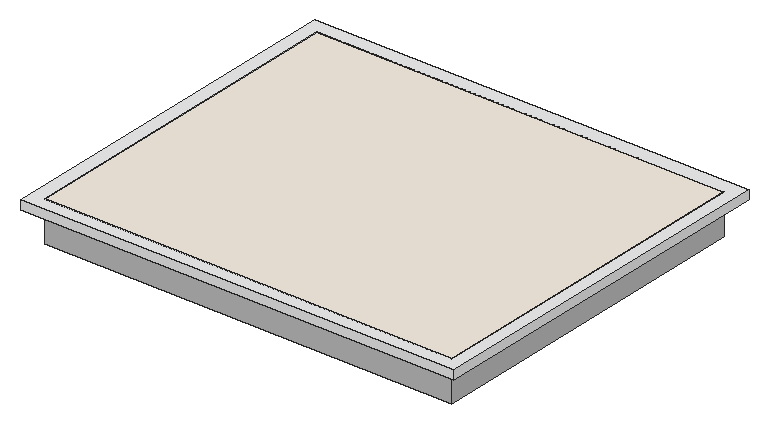
Revit family "Lighting-Industrial-GEWISS-ELIA-HL-LED_HIGHBAY", category Apparecchi per illuminazione, host Superficie, Revit 2019 (continued)
Types (12, lengths in mm): name | Weight (kg): | Weight (kg) | Voltage | Technical sheet | System power | Optic | built-in parameter 1150142 | Lumen output (lm) | Model | IDT | File diagramma fotometrico | Description
    1 6752.23 6528.04 6308.03 6094.97 5890.28 \r\n5689.76 5490.63 5294.28 5106.30 4919.70 4737.28 4560.44 \r\n4386.38 4217.88 4059.14 3908.75 3766.71 3630.25 3497.96 \r\n3369.85 3247.31 3130.34 3016.16 2904.76 2799.20 2696.16 \r\n2596.59 2499.68 2404.57 2311.69 2220.76 2132.47 2046.98 \r\n1964.96 1886.98 1812.34 1740.63 1671.42 1603.46 1538.99 \r\n1479.95 1424.67 1372.03 1321.20 1270.52 1221.50 1175.27 \r\n1131.13 1088.66 1047.44 1006.64 966.95 928.10 891.76 \r\n858.89 829.37 805.14 781.19 751.11 720.20 692.21 664.92 \r\n637.07 610.19 587.22 565.49 543.08 521.21 500.46 480.27 \r\n459.25 438.78 418.86 401.60 390.04 379.87 366.37 352.16 \r\n339.49 325.01 304.68 282.96 264.21 245.68 226.07 205.73 \r\n184.49 162.56 139.60 117.04 96.24 77.13 60.07 45.09 32.29 \r\n21.87 14.20 8.89 5.63 4.53 \r\n20514.31 20511.53 20504.56 20492.03 20475.32 20453.04 \r\n20427.98 20401.52 20368.10 20329.11 20288.73 20239.99 \r\n20188.47 20131.37 20072.89 20010.23 19944.78 19876.55 \r\n19806.92 19733.12 19657.92 19578.55 19496.39 19408.67 \r\n19316.76 19222.07 19123.20 19021.55 18914.33 18800.14 \r\n18681.78 18563.42 18438.09 18309.98 18177.70 18041.23 \r\n17903.37 17764.12 17620.70 17475.88 17329.66 17177.88 \r\n17021.92 16859.00 16689.11 16509.48 16322.89 16126.54 \r\n15920.45 15707.40 15487.39 15263.19 15033.43 14793.92 \r\n14544.66 14281.48 14002.98 13706.38 13397.24 13075.58 \r\n12745.55 12409.96 12067.41 11716.50 11368.37 11038.35 \r\n10719.47 10415.90 10123.48 9835.23 9551.16 9265.69 \r\n8983.02 8705.91 8435.76 8175.37 7924.72 7678.24 7438.74 \r\n7204.80 6975.03 6748.06 6525.26 6308.03 6096.37 5890.28 \r\n5689.76 5489.23 5291.50 5100.73 4912.74 4728.93 4550.69 \r\n4372.45 4202.57 4043.82 3892.04 3750.00 3614.93 3482.64 \r\n3355.93 3233.39 3116.42 3002.23 2892.22 2787.23 2684.88 \r\n2585.32 2488.40 2393.01 2299.99 2209.90 2122.87 2038.34 \r\n1957.02 1879.46 1804.96 1733.52 1664.46 1596.64 1532.17 \r\n1473.54 1418.68 1366.32 1315.77 1265.23 1216.35 1170.26 \r\n1126.25 1083.64 1042.43 1001.76 962.36 923.37 887.02 \r\n855.00 826.31 802.36 778.27 748.05 717.14 690.26 663.94 \r\n635.26 607.69 584.71 563.27 540.85 519.12 498.51 478.32 \r\n457.30 436.69 416.78 399.37 388.79 379.04 364.97 349.94 \r\n337.54 323.62 303.15 281.56 262.85 244.52 225.26 205.27 \r\n184.17 162.27 139.25 116.64 95.93 76.92 59.88 44.91 32.11 \r\n21.72 14.12 8.86 5.63 4.52 \r\n20514.31 20511.53 20503.17 20492.03 20475.32 20453.04 \r\n20427.98 20401.52 20368.10 20330.50 20287.33 20239.99 \r\n20188.47 20131.37 20072.89 20010.23 19944.78 19877.94 \r\n19806.92 19733.12 19659.31 19579.94 19499.18 19411.45 \r\n19319.55 19226.25 19127.38 19025.73 18918.51 18804.32 \r\n18685.96 18564.81 18440.88 18312.77 18179.09 18044.01 \r\n17906.16 17766.91 17623.48 17480.05 17332.45 17180.67 \r\n17023.31 16861.78 16691.90 16515.05 16328.45 16130.72 \r\n15926.02 15711.58 15491.56 15267.37 15036.22 14796.70 \r\n14546.06 14282.87 14002.98 13706.38 13397.24 13078.36 \r\n12746.94 12409.96 12068.80 11716.50 11368.37 11036.96 \r\n10718.07 10413.11 10117.91 9828.26 9544.19 9257.34 \r\n8974.66 8696.16 8424.63 8165.62 7914.97 7669.89 7431.77 \r\n7199.23 6972.25 6745.27 6523.86 6308.03 6097.76 5891.67 \r\n5688.36 5486.45 5290.11 5095.16 4905.78 4720.57 4540.94 \r\n4361.31 4187.25 4027.11 3876.72 3734.68 3599.61 3467.33 \r\n3342.00 3220.85 3102.49 2989.70 2881.08 2775.67 2673.88 \r\n2574.31 2477.12 2381.31 2288.30 2199.18 2113.12 2029.71 \r\n1949.22 1871.94 1797.58 1726.42 1657.63 1589.96 1525.48 \r\n1467.28 1412.69 1360.75 1310.48 1260.07 1211.34 1165.52 \r\n1121.52 1078.91 1037.27 997.17 957.90 918.77 882.29 \r\n851.24 823.52 799.57 775.34 744.85 714.21 688.31 662.97 \r\n633.73 605.46 582.34 561.04 538.76 517.17 496.70 476.51 \r\n455.35 434.60 414.55 397.42 387.53 378.48 363.72 347.99 \r\n336.01 322.36 302.03 280.17 261.62 243.51 224.61 204.92 \r\n183.96 162.11 139.03 116.36 95.72 76.80 59.74 44.74 31.94 \r\n21.58 14.04 8.84 5.62 4.51 \r\n20514.31 20511.53 20503.17 20492.03 20475.32 20453.04 \r\n20430.76 20401.52 20368.10 20330.50 20288.73 20241.38 \r\n20188.47 20132.76 20074.28 20010.23 19944.78 19877.94 \r\n19806.92 19734.51 19659.31 19581.34 19499.18 19414.24 \r\n19322.33 19229.03 19130.17 19028.51 18922.68 18807.10 \r\n18690.14 18567.60 18443.66 18314.16 18180.48 18045.41 \r\n17908.94 17768.30 17626.26 17482.84 17335.23 17183.45 \r\n17026.10 16864.57 16694.68 16517.84 16332.63 16136.29 \r\n15930.20 15715.75 15495.74 15270.15 15039.00 14798.10 \r\n14547.45 14281.48 14001.59 13707.77 13398.64 13078.36 \r\n12748.34 12412.75 12070.19 11717.89 11368.37 11035.56 \r\n10715.29 10408.94 10110.94 9822.69 9537.23 9250.38 \r\n8966.31 8687.81 8414.88 8155.87 7905.22 7662.93 7426.20 \r\n7193.66 6966.68 6742.49 6522.47 6309.42 6097.76 5891.67 \r\n5686.97 5487.84 5287.32 5092.37 4898.82 4715.01 4532.59 \r\n4350.17 4174.72 4011.79 3861.40 3719.37 3584.30 3453.40 \r\n3329.47 3206.93 3089.96 2977.17 2869.94 2764.53 2663.30 \r\n2563.87 2466.40 2370.31 2277.16 2188.87 2103.93 2021.63 \r\n1941.98 1864.84 1790.62 1719.74 1651.37 1583.55 1519.36 \r\n1461.43 1407.40 1355.46 1305.33 1255.20 1206.46 1160.93 \r\n1117.20 1074.31 1032.82 992.57 953.72 914.45 878.11 \r\n847.75 820.74 796.79 772.42 742.06 711.29 686.50 661.99 \r\n632.20 603.09 580.12 558.95 536.95 515.23 495.03 474.70 \r\n453.54 432.93 412.74 395.61 386.56 377.92 362.61 346.18 \r\n334.34 321.25 300.78 279.06 260.59 242.67 224.08 204.68 \r\n183.87 162.06 138.92 116.18 95.60 76.75 59.65 44.59 31.80 \r\n21.46 13.96 8.82 5.62 4.51 \r\n20514.31 20511.53 20503.17 20492.03 20475.32 20454.43 \r\n20430.76 20401.52 20368.10 20331.89 20288.73 20241.38 \r\n20189.86 20132.76 20074.28 20010.23 19946.17 19877.94 \r\n19806.92 19734.51 19659.31 19582.73 19501.96 19415.63 \r\n19325.12 19231.82 19134.34 19032.69 18924.08 18809.89 \r\n18691.53 18570.38 18445.06 18315.55 18183.26 18048.19 \r\n17910.34 17769.69 17627.66 17485.62 17338.02 17186.24 \r\n17028.88 16867.35 16697.47 16520.62 16335.42 16140.47 \r\n15934.38 15718.54 15498.53 15272.94 15041.79 14799.49 \r\n14547.45 14280.09 14000.19 13706.38 13398.64 13078.36 \r\n12746.94 12412.75 12070.19 11717.89 11368.37 11034.17 \r\n10713.90 10406.15 10106.76 9818.52 9531.66 9243.41 \r\n8959.34 8679.45 8407.91 8148.91 7898.26 7655.97 7422.03 \r\n7189.48 6963.89 6741.09 6522.47 6309.42 6099.15 5893.06 \r\n5688.36 5486.45 5285.93 5088.19 4894.64 4708.04 4524.23 \r\n4340.42 4162.18 3999.26 3847.48 3705.44 3571.76 3442.26 \r\n3316.93 3195.79 3077.43 2966.03 2858.80 2754.50 2653.83 \r\n2554.12 2456.51 2360.15 2266.99 2179.40 2095.57 2014.11 \r\n1935.16 1858.43 1784.49 1713.89 1645.52 1577.98 1513.65 \r\n1456.14 1402.39 1350.86 1300.87 1250.74 1202.15 1156.75 \r\n1113.16 1070.28 1028.64 988.54 949.82 910.70 874.35 \r\n844.69 818.37 794.56 769.91 739.42 708.78 684.83 661.02 \r\n630.94 601.14 578.03 557.14 535.14 513.55 493.50 473.31 \r\n452.01 431.12 411.07 394.22 385.58 377.65 361.63 344.50 \r\n332.95 320.14 299.94 278.08 259.76 242.00 223.68 204.56 \r\n183.87 162.10 138.90 116.09 95.57 76.74 59.60 44.46 31.68 \r\n21.35 13.90 8.80 5.62 4.50 \r\n20514.31 20511.53 20504.56 20492.03 20475.32 20454.43 \r\n20430.76 20402.91 20369.49 20331.89 20288.73 20241.38 \r\n20189.86 20132.76 20074.28 20010.23 19946.17 19876.55 \r\n19806.92 19734.51 19660.71 19582.73 19503.35 19417.02 \r\n19327.90 19233.21 19135.74 19034.08 18928.25 18814.07 \r\n18694.31 18571.77 18446.45 18316.95 18183.26 18049.59 \r\n17911.73 17772.48 17629.05 17485.62 17339.41 17186.24 \r\n17030.28 16867.35 16698.86 16523.40 16338.20 16141.86 \r\n15937.16 15721.33 15498.53 15274.33 15041.79 14799.49 \r\n14547.45 14278.70 13997.41 13703.59 13397.24 13078.36 \r\n12748.34 12412.75 12070.19 11717.89 11368.37 11034.17 \r\n10711.11 10403.37 10102.59 9812.95 9527.49 9239.24 \r\n8953.77 8672.49 8400.95 8141.95 7894.08 7651.79 7417.85 \r\n7186.69 6962.50 6739.70 6522.47 6310.81 6100.54 5893.06 \r\n5688.36 5485.06 5287.32 5086.80 4890.46 4702.47 4518.66 \r\n4332.07 4152.44 3988.12 3834.94 3695.69 3562.02 3431.12 \r\n3307.19 3184.65 3067.68 2956.28 2849.06 2745.87 2645.47 \r\n2545.77 2447.88 2351.24 2258.22 2171.33 2088.33 2007.57 \r\n1929.45 1852.86 1779.06 1708.74 1640.78 1573.25 1509.05 \r\n1451.68 1398.21 1346.83 1296.84 1246.98 1198.52 1153.27 \r\n1109.82 1066.79 1025.02 985.19 946.62 907.49 871.29 \r\n842.18 816.42 792.47 767.82 737.05 706.55 683.44 660.46 \r\n629.83 599.47 576.36 555.61 533.75 512.44 491.97 472.06 \r\n450.75 429.73 409.67 392.82 384.89 377.37 360.94 343.39 \r\n331.83 319.44 299.11 277.36 259.13 241.54 223.44 204.53 \r\n183.95 162.24 138.97 116.09 95.58 76.80 59.59 44.39 31.57 \r\n21.25 13.84 8.79 5.62 4.50 \r\n20514.31 20511.53 20505.95 20492.03 20475.32 20455.83 \r\n20430.76 20402.91 20369.49 20330.50 20288.73 20241.38 \r\n20188.47 20132.76 20074.28 20010.23 19946.17 19876.55 \r\n19806.92 19734.51 19659.31 19584.12 19503.35 19417.02 \r\n19327.90 19236.00 19138.52 19035.48 18929.65 18815.46 \r\n18695.70 18573.17 18447.84 18316.95 18183.26 18049.59 \r\n17913.12 17771.09 17629.05 17487.01 17342.20 17189.02 \r\n17030.28 16868.75 16698.86 16523.40 16339.60 16144.65 \r\n15938.56 15721.33 15501.31 15275.73 15041.79 14799.49 \r\n14546.06 14278.70 13994.63 13702.20 13398.64 13075.58 \r\n12746.94 12412.75 12070.19 11716.50 11368.37 11034.17 \r\n10711.11 10401.98 10101.19 9811.56 9524.70 9235.06 \r\n8950.99 8669.70 8396.77 8137.77 7889.91 7647.61 7413.67 \r\n7185.30 6959.72 6739.70 6522.47 6310.81 6101.94 5895.85 \r\n5689.76 5486.45 5285.93 5085.41 4887.68 4698.30 4514.48 \r\n4325.11 4144.08 3979.77 3826.59 3687.34 3553.66 3422.77 \r\n3300.23 3177.68 3060.72 2949.32 2840.70 2739.05 2639.07 \r\n2539.36 2441.05 2344.13 2251.12 2164.78 2082.62 2002.69 \r\n1924.99 1848.68 1774.88 1704.70 1637.02 1569.35 1505.29 \r\n1448.20 1395.01 1343.76 1293.91 1244.06 1195.60 1150.48 \r\n1107.32 1064.15 1022.10 982.55 944.12 905.13 868.92 \r\n840.23 814.89 790.94 766.15 735.24 704.88 682.33 659.77 \r\n628.85 598.22 575.10 554.49 532.77 511.33 491.00 470.94 \r\n449.50 428.61 408.56 391.85 384.33 377.37 360.38 342.28 \r\n331.14 318.88 298.55 276.88 258.75 241.26 223.33 204.59 \r\n184.09 162.42 139.11 116.16 95.66 76.89 59.60 44.34 31.50 \r\n21.19 13.80 8.78 5.62 4.50 \r\n" | "27850" | "GWF1001QH840" | "b15dceee-6ace-433c-b103-edb7b1721c5f" | "GWF1001QH840.IES" | "ELIA HL L2 60° 4000K S.ALONE DALI"
